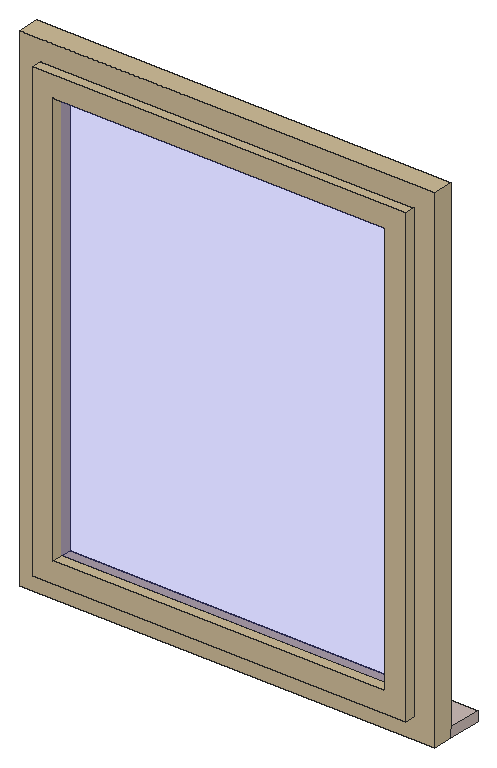
Revit family
Parameters (values of type "1000/1200")
  Operation = "SinglePanel"
  Keynote = "L10/210"
  Height = 120 cm
  Default Sill Height = 80 cm
  Wall Closure = (empty or 0)
  Width = 100 cm
Types (4, lengths in cm): name | Width
  (no name) | 100
  800/1200 | 100
  1000/1200 | 100
  1200/1200 | 120
Reference planes (cm)
  plane 1: y = 0.0519
  plane 2 "Center": x = 0
  plane 3 "Left": x = -50
  plane 4 "Right": x = 50
  plane 5 "Sill": z = 80
  plane 6 "Head": z = 200
  plane 7: y = 2.5519
  plane 8: y = -4.9481
  plane 9: y = -2.4481
  plane 10: z = 190
  plane 11: z = 195
  plane 12: z = 90
  plane 13: z = 85
  plane 14: x = -45
  plane 15: x = -40
  plane 16: x = 40
  plane 17: x = 45
  plane 18: z = 82.5
  plane 19: z = 140
  plane 20: z = 177.5
Forms (cm)
  Extrusion 1, solid, material "Default Frame"
    sketch origin (0, 0, 0) x (0, 0, -1) y (1, 0, 0)
      loop
        line (-200, -50) -> (-80, -50) -> (-80, 50) -> (-200, 50) -> (-200, -50)
      loop
        line (-195, -45) -> (-85, -45) -> (-85, 45) -> (-195, 45) -> (-195, -45)
    from -2.5519 to 2.4481
  Extrusion 2, solid, material "Default Frame"
    sketch origin (0, 0, 0) x (0, 0, -1) y (1, 0, 0)
      loop
        line (-195, -45) -> (-85, -45) -> (-85, 45) -> (-195, 45) -> (-195, -45)
      loop
        line (-190, -40) -> (-90, -40) -> (-90, 40) -> (-190, 40) -> (-190, -40)
    from 0 to 4.9481
  Extrusion 3, solid, material "Glass"
    sketch origin (0, 0, 0) x (0, 0, -1) y (1, 0, 0)
      loop
        line (-190, -40) -> (-90, -40) -> (-90, 40) -> (-190, 40) -> (-190, -40)
    from 2.4481 to 2.5481
  Extrusion 4, solid, material "Default Sill", detail levels fine
    sketch origin (0, 0.0519, 0) x (0, 0, -1) y (1, 0, 0)
      loop
        line (-82.5, 50) -> (-82.5, -50) -> (-80, -50) -> (-80, 50) -> (-82.5, 50)
    from -10.4481 to -2.5
Lines and regions (cm)
  Opening 1
    outline origin (350, -7.5, 0) x (1, 0, 0) y (0, 0, 1)
      loop
        line (-300, 80) -> (-300, 200) -> (-400, 200) -> (-400, 80) -> (-300, 80)
  symbolic lines, style "Elevation Swing"
    curve 1: line (67.2222, 0, 140) -> (22.2222, 0, 85)
    curve 2: line (22.2222, 0, 85) -> (-45, 0, 140)
    curve 3: line (-45, 0, 140) -> (0, 0, 195)
    curve 4: line (0, 0, 195) -> (67.2222, 0, 140)
    curve 5: line (0, 0, 195) -> (0, 0, 200)
    curve 6: line (22.2222, 0, 85) -> (22.2222, 0, 80)
Text (cm)
  text "EXTERIOR" at (-325.9869, 133.2353, 0), in view "Ref. Level"
  text "INTERIOR" at (-325.9869, -81.8386, 0), in view "Ref. Level"
  text "Exterior" at (0, 92.3751, 416.4757), in view "Right"
  text "Exterior" at (0, 211.3942, 406.8519), in view "Left"
Dimensions and locks (cm)
  equal spacing: plane 3 "Left", plane 2 "Center", plane 4 "Right"
  "Width": plane 3 "Left" to plane 4 "Right"
  "Height": plane 5 "Sill" to plane 6 "Head"
  "Default Sill Height": plane 5 "Sill" to level
  plane 8 to plane 9 to plane 1 to plane 7 = 2.5 cm locked, 2.5 cm locked, 2.5 cm locked
  plane 3 "Left" to plane 14 to plane 15 = 5 cm locked, 5 cm locked
  plane 16 to plane 17 to plane 4 "Right" = 5 cm locked, 5 cm locked
  plane 12 to plane 13 to plane 5 "Sill" = 5 cm locked, 5 cm locked
  plane 6 "Head" to plane 11 to plane 10 = 5 cm locked, 5 cm locked
  locked: Extrusion 3 to plane 9 at 0.1
  locked: plane 5 "Sill" to plane 18 at 2.5
  locked: Extrusion 4 to host wall at 3
  locked: plane 20 to plane 10 at 12.5
  equal spacing: plane 12, plane 19, plane 10
  aligned and locked: Extrusion 1 to plane 7
  aligned and locked: plane 9 to Extrusion 1
  aligned and locked: plane 8 to Extrusion 2
  aligned and locked: Extrusion 2 to host wall
  aligned and locked: Extrusion 3 to plane 9
  aligned and locked: plane 7 to Extrusion 4
Automatic sketch dimensions
  Opening 1 sketch curve to plane 3 "Left" = 0 cm
  Opening 1 sketch curve to plane 4 "Right" = 0 cm
  Opening 1 sketch curve to plane 5 "Sill" = 0 cm
  Opening 1 sketch curve to plane 6 "Head" = 0 cm
  Extrusion 1 sketch curve to plane 4 "Right" = 0 cm
  Extrusion 1 sketch curve to plane 6 "Head" = 0 cm
  Extrusion 1 sketch curve to plane 11 = 0 cm
  Extrusion 1 sketch curve to plane 13 = 0 cm
  Extrusion 1 sketch curve to plane 5 "Sill" = 0 cm
  Extrusion 1 sketch curve to plane 3 "Left" = 0 cm
  Extrusion 1 sketch curve to plane 14 = 0 cm
  Extrusion 1 sketch curve to plane 17 = 0 cm
  Extrusion 2 sketch curve to plane 11 = 0 cm
  Extrusion 2 sketch curve to plane 10 = 0 cm
  Extrusion 2 sketch curve to plane 12 = 0 cm
  Extrusion 2 sketch curve to plane 13 = 0 cm
  Extrusion 2 sketch curve to plane 14 = 0 cm
  Extrusion 2 sketch curve to plane 15 = 0 cm
  Extrusion 2 sketch curve to plane 16 = 0 cm
  Extrusion 2 sketch curve to plane 17 = 0 cm
  Extrusion 3 sketch curve to plane 10 = 0 cm
  Extrusion 3 sketch curve to plane 12 = 0 cm
  Extrusion 3 sketch curve to plane 15 = 0 cm
  Extrusion 3 sketch curve to plane 16 = 0 cm
  Extrusion 4 sketch curve to plane 3 "Left" = 0 cm
  Extrusion 4 sketch curve to plane 18 = 0 cm
  Extrusion 4 sketch curve to plane 4 "Right" = 0 cm
  Extrusion 4 sketch curve to plane 5 "Sill" = 0 cm
  curve 5 to plane 2 "Center" = 0 cm
  curve 5 to plane 6 "Head" = 0 cm
  curve 4 to plane 11 = 0 cm
  curve 3 to plane 14 = 0 cm
  curve 3 to plane 19 = 0 cm
  curve 6 to plane 13 = 0 cm
  curve 6 to plane 5 "Sill" = 0 cm
